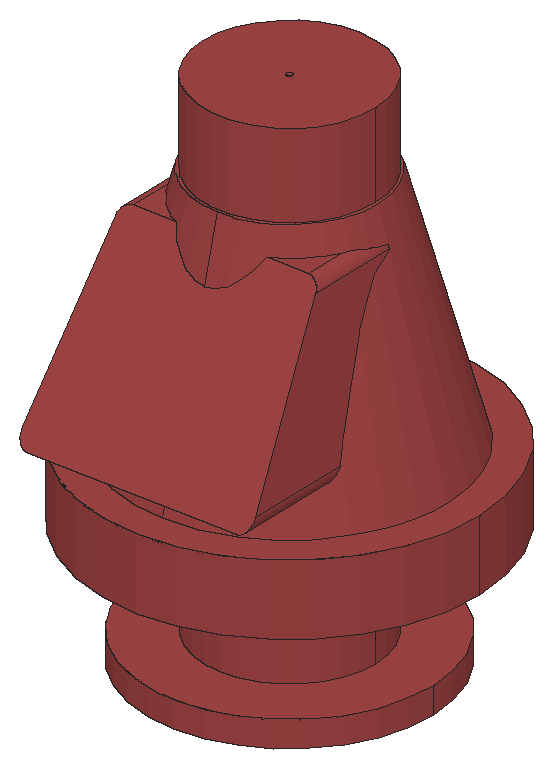
Revit family
Parameters (values of type "6" F/G")
  Weight = 0.18 kip
  Viking Part Number = "08491"
  Valve Radius = 3.313"
  Valve Nominal Radius = 3.000"
  Valve Height = 20.063"
  URL = "http://www.vikinggroupinc.com/databook/drysystems/equipment/070392.pdf"
  Rev. Date = "12-17-09"
  Pressure Rating = 175.00 psi
  Model = "F-1"
  Manufacturer = "The Viking Corporation"
  Friction Loss (Feet of Sch 40 Pipe) = 588.000"
  Flange Thickness = 1.000"
  Flange Radius Top = 0.100"
  Flange Radius Bottom = 5.520"
  Description = "Dry Pipe Valve"
  Cover Top = 1.000"
  Cover Front Bottom Edge = 7.555"
  Cover Angle = 15.00°
  Body Sweep Top Radius = 3.438"
  Body Sweep Top = 16.832"
  Body Sweep Lower Radius = 6.059"
  Body Major Dia Top = 7.473"
  Body Major Radius = 7.313"
  Body Bottom = 4.750"
  Assembly Code = ""
Types (6): name | Weight | Viking Part Number | Valve Radius | Valve Nominal Radius | Valve Height | Friction Loss (Feet of Sch 40 Pipe) | Flange Thickness | Flange Radius Top | Flange Radius Bottom | Cover Front Bottom Edge | Cover Angle | Body Sweep Top Radius | Body Sweep Top | Body Sweep Lower Radius | Body Major Dia Top | Body Major Radius | Body Bottom
  6" F/F | 0.20 kip | "08464" | 3.313" | 3.000" | 20.063" | 588.000" | 1.000" | 5.520" | 5.520" | 7.555" | 15.00° | 3.438" | 16.832" | 6.059" | 7.473" | 7.313" | 4.750"
  4" F/F | 0.13 kip | "07628" | 2.250" | 2.000" | 18.281" | 60.000" | 0.938" | 4.516" | 4.516" | 7.301" | 20.00° | 4.145" | 13.242" | 5.543" | 6.441" | 6.578" | 4.188"
  3" F/F | 0.13 kip | "09441" | 1.750" | 1.500" | 18.266" | 36.000" | 0.750" | 3.984" | 3.984" | 7.301" | 20.00° | 4.145" | 13.305" | 5.543" | 6.508" | 6.578" | 4.250"
  6" F/G | 0.18 kip | "08491" | 3.313" | 3.000" | 20.063" | 588.000" | 1.000" | 0.100" | 5.520" | 7.555" | 15.00° | 3.438" | 16.832" | 6.059" | 7.473" | 7.313" | 4.750"
  4" F/G | 0.13 kip | "07627" | 2.250" | 2.000" | 18.281" | 60.000" | 0.938" | 0.100" | 4.516" | 7.301" | 20.00° | 4.145" | 13.242" | 5.543" | 6.441" | 6.578" | 4.188"
  3" F/G | 0.13 kip | "09446" | 1.750" | 1.500" | 18.266" | 36.000" | 0.750" | 0.100" | 3.984" | 7.301" | 20.00° | 4.145" | 13.305" | 5.543" | 6.508" | 6.578" | 4.250"
Reference planes (in)
  plane 1 "Center (Front/Back)": y = 0
  plane 2 "Valve Bottom": z = -0.5
  plane 3 "Valve Center Line": x = 0
  plane 4 "Body Bottom": z = 4.25
  plane 5 "Body Major Dia Top": z = 6.973
  plane 6 "Valve Top": z = 19.563
  plane 7 "Body Sweep Top": z = 16.332
  plane 8 "Cover Top Left": x = -3.775
  plane 9 "Cover Top Right": x = 3.775
  plane 10 "Cover Bottom Left": x = -4.5595
  plane 11 "Cover Bottom Right": x = 4.5595
  plane 12 "Cover Top": z = 15.332
  plane 13 "Cover Bottom": z = 8.473
  plane 14 "Cover Bottom Front Edge": y = -7.555
  plane 15: through (0, -3.88164, 13.07439) normal (0, -0.9659, 0.2588)
  plane 16 "Valve Sweep Top Radius": y = -3.438
  plane 17 "Bottom Flange Thickness": z = 0.5
  plane 18 "Top Flange Thickness": z = 18.563
Forms (in)
  Extrusion 1, solid, material "Viking Valve Red"
    sketch origin (0, 0, 0) x (1, 0, 0) y (0, 1, 0)
      loop
        circle (0, 0) r 3.313
    from -0.5 to 19.563
  Extrusion 2, solid, material "Viking Valve Red"
    sketch origin (0, 0, 0) x (1, 0, 0) y (0, 1, 0)
      loop
        circle (0, 0) r 7.313
    from 4.25 to 6.973
  SweptBlend 3, solid, material "Viking Valve Red"
    path in 3D
      loop
        line (0, 0, 16.332) -> (0, 0, 6.973)
    profile origin (0, 0, 16.332) x (0, -1, 0) y (1, 0, 0)
      loop
        circle (0, 0) r 3.438
    end profile origin (0, 0, 6.973) x (0, -1, 0) y (1, 0, 0)
      loop
        circle (0, 0) r 6.059
  Extrusion 4, solid, material "Viking Valve Red"
    sketch origin (0, 0, 0) x (1, 0, 0) y (0, 0, 1)
      loop
        arc (-3.35013, 15.332) -> (-3.6739, 15.21302) -> (-3.84357, 14.9127) r 0.5
        line (-3.84357, 14.9127) -> (-4.46453, 9.0537)
        arc (-4.46453, 9.0537) -> (-4.35211, 8.64923) -> (-3.97109, 8.473) r 0.5
        line (-3.97109, 8.473) -> (3.97109, 8.473)
        arc (3.97109, 8.473) -> (4.35211, 8.64923) -> (4.46453, 9.0537) r 0.5
        line (4.46453, 9.0537) -> (3.84357, 14.9127)
        arc (3.84357, 14.9127) -> (3.6739, 15.21302) -> (3.35013, 15.332) r 0.5
        line (3.35013, 15.332) -> (-3.35013, 15.332)
    from 0 to 7.555
  Extrusion 5, void
    sketch origin (0, 0, 0) x (0, 1, 0) y (0, 0, 1)
      loop
        line (-3.27901, 15.332) -> (-7.555, 15.332) -> (-7.555, 8.473) -> (-3.27901, 15.332)
    from -4.5595 to 4.5595
  Extrusion 6, solid, material "Viking Valve Red"
    sketch origin (0, 0, 0) x (1, 0, 0) y (0, 1, 0)
      loop
        circle (0, 0) r 0.1
    from 18.563 to 19.563
  Extrusion 7, solid, material "Viking Valve Red"
    sketch origin (0, 0, 0) x (1, 0, 0) y (0, 1, 0)
      loop
        circle (0, 0) r 5.52
    from -0.5 to 0.5
Cuts and joins
  Extrusion 5 cuts Extrusion 4
  joined: Extrusion 1, Extrusion 2, SweptBlend 3, Extrusion 4
Lines and regions (in)
  model lines
    curve 1: line (0, 0, 16.332) -> (0, 0, 6.973)
  sketch lines
    curve 2: line (0, 0, 16.332) -> (0, 0, 6.973)
Dimensions and locks (in)
  "Body Bottom": plane 4 "Body Bottom" to plane 2 "Valve Bottom"
  "Body Major Dia Top": plane 5 "Body Major Dia Top" to plane 2 "Valve Bottom"
  "Valve Height": plane 6 "Valve Top" to plane 2 "Valve Bottom"
  "Body Sweep Top": plane 7 "Body Sweep Top" to plane 2 "Valve Bottom"
  equal spacing: plane 9 "Cover Top Right", plane 3 "Valve Center Line", plane 8 "Cover Top Left"
  locked: plane 9 "Cover Top Right" to plane 8 "Cover Top Left" at 7.55
  equal spacing: plane 11 "Cover Bottom Right", plane 3 "Valve Center Line", plane 10 "Cover Bottom Left"
  locked: plane 11 "Cover Bottom Right" to plane 10 "Cover Bottom Left" at 9.119
  "Cover Top": plane 7 "Body Sweep Top" to plane 12 "Cover Top"
  plane 13 "Cover Bottom" to plane 5 "Body Major Dia Top" = 1.500"
  "Cover Front Bottom Edge": plane 1 "Center (Front/Back)" to plane 14 "Cover Bottom Front Edge"
  "Body Sweep Top Radius": plane 1 "Center (Front/Back)" to plane 16 "Valve Sweep Top Radius"
  "Flange Thickness": plane 17 "Bottom Flange Thickness" to plane 2 "Valve Bottom"
  "Flange Thickness": plane 6 "Valve Top" to plane 18 "Top Flange Thickness"
  "Valve Radius": radius of Extrusion 1 sketch curve
  "Body Major Radius": radius of Extrusion 2 sketch curve
  "Body Sweep Top Radius": radius of SweptBlend 3 sketch curve
  "Body Sweep Lower Radius": radius of SweptBlend 3 sketch curve
  "Flange Radius Top": radius of Extrusion 6 sketch curve
  "Flange Radius Bottom": radius of Extrusion 7 sketch curve
  "Cover Angle": angle plane 1 "Center (Front/Back)" to plane 15
  aligned and locked: Extrusion 1 to plane 2 "Valve Bottom"
  aligned and locked: plane 6 "Valve Top" to Extrusion 1
  aligned and locked: plane 5 "Body Major Dia Top" to Extrusion 2
  aligned and locked: Extrusion 2 to plane 4 "Body Bottom"
  aligned and locked: plane 7 "Body Sweep Top" to curve 1
  aligned and locked: plane 5 "Body Major Dia Top" to curve 1
  aligned and locked: curve 1 to plane 3 "Valve Center Line"
  aligned and locked: plane 7 "Body Sweep Top" to SweptBlend 3
  aligned and locked: SweptBlend 3 to plane 5 "Body Major Dia Top"
  aligned and locked: Extrusion 4 to plane 14 "Cover Bottom Front Edge"
  aligned and locked: plane 6 "Valve Top" to Extrusion 6
  aligned and locked: Extrusion 6 to plane 18 "Top Flange Thickness"
  aligned and locked: Extrusion 7 to plane 2 "Valve Bottom"
  aligned and locked: plane 17 "Bottom Flange Thickness" to Extrusion 7
Automatic sketch dimensions
  Extrusion 1 sketch curve to plane 1 "Center (Front/Back)" = 0.000"
  Extrusion 1 sketch curve to plane 3 "Valve Center Line" = 0.000"
  Extrusion 2 sketch curve to plane 1 "Center (Front/Back)" = 0.000"
  Extrusion 2 sketch curve to plane 3 "Valve Center Line" = 0.000"
  SweptBlend 3 sketch curve to profile plane = 0.000"  (x4)
  Extrusion 5 sketch curve to plane 14 "Cover Bottom Front Edge" = 0.000"
  Extrusion 5 sketch curve to plane 12 "Cover Top" = 0.000"
  plane 15 to Extrusion 5 sketch curve = 0.00221"
  Extrusion 5 sketch curve to plane 13 "Cover Bottom" = 0.000"
  Extrusion 4 sketch curve to plane 13 "Cover Bottom" = 0.000"
  Extrusion 4 sketch curve to plane 12 "Cover Top" = 0.000"
  plane 10 "Cover Bottom Left" to Extrusion 4 sketch curve = 0.09497"
  Extrusion 4 sketch curve to plane 8 "Cover Top Left" = 0.19609"
  Extrusion 4 sketch curve to plane 8 "Cover Top Left" = 0.06857"
  plane 8 "Cover Top Left" to Extrusion 4 sketch curve = 0.42487"
  plane 9 "Cover Top Right" to Extrusion 4 sketch curve = 0.42487"
  Extrusion 4 sketch curve to plane 9 "Cover Top Right" = 0.06857"
  Extrusion 4 sketch curve to plane 9 "Cover Top Right" = 0.19609"
  Extrusion 4 sketch curve to plane 11 "Cover Bottom Right" = 0.09497"
  Extrusion 4 sketch curve to Extrusion 4 sketch curve = 0.500"  (x4)
  Extrusion 6 sketch curve to plane 1 "Center (Front/Back)" = 0.000"
  Extrusion 6 sketch curve to plane 3 "Valve Center Line" = 0.000"
  Extrusion 7 sketch curve to plane 1 "Center (Front/Back)" = 0.000"
  Extrusion 7 sketch curve to plane 3 "Valve Center Line" = 0.000"
Connectors (in)
  piping at (0, 0, 19.563), driven by "Valve Nominal Radius"
    settings: on cut or joined group of Extrusion 1, Extrusion 2, SweptBlend 3, Extrusion 4, Extrusion 5, index 1
  piping at (0, 0, -0.5), driven by "Valve Nominal Radius"
    settings: on cut or joined group of Extrusion 1, Extrusion 2, SweptBlend 3, Extrusion 4, Extrusion 5, index 2
